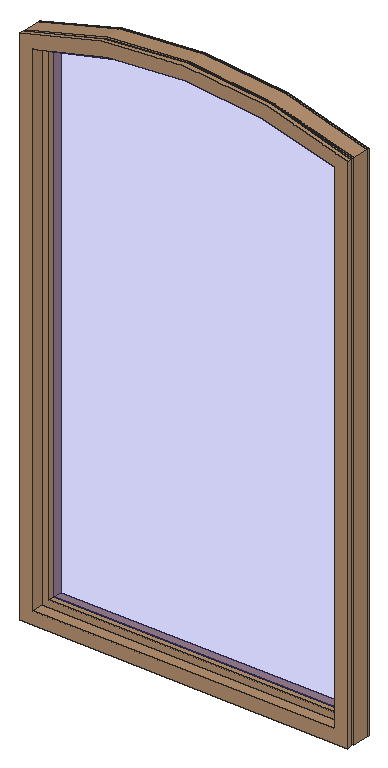
Revit family "WWW_A3-WTI-Flat-Arch-1888-FAF5", category Windows, host Wall, Revit 2016
Family settings
  Host = Wall
  Always vertical = Yes
  Cut with Voids When Loaded = No
  Shared = No
  Room Calculation Point = No
Parameters (values of type "1888 x 1116 FAF5")
  URL = "www.acdoors.co.za"
  Type Comments = "Series iv Frame Profile"
  Model = "Flat Arch"
  Manufacturer Code = "FAF5"
  Manufacturer = "AC Shopfitters (Windows)"
  Height = 1888 mm
  Head Height = 2300 mm
  Frame Material = Wood- Timber
  Default Sill Height = (Head Height) - Height  # 412 mm
  Wall Closure = By host
  Width = 1116 mm
  Assembly Code = "B2020130"
  Arch Radii [instance] = Width / 2  # 558 mm
Types (3, lengths in mm): name | Width | Arch Radii
  (no name) | 1116 | 558
  1888 x 0580 FAF5 | 580 | 290
  1888 x 1116 FAF5 | 1116 | 558
Reference planes
  plane 1 "CL": y = 0
  plane 2 "Center (Left/Right)": x = 0
  plane 3 "Left": x = -558
  plane 4 "Right": x = 558
  plane 5 "Sill": z = 412
  plane 6 "Head": z = 2300
  plane 7 "Exterior": y = 75
  plane 8 "Interior": y = -75
  plane 9: z = 1670.667
  plane 10: z = 1041.333
  plane 11: x = -22
  plane 12: x = 22
Forms (mm)
  Sweep 1, solid, material "Wood- Timber" <- "Frame Material", detail levels medium+fine
    path origin (0, 0, 0) x (1, 0, 0) y (0, 0, 1)
      loop
        line (558, 412) -> (558, 2202.083)
        arc (558, 2202.083) -> (0, 2300.032) -> (-558, 2202.083) r 1638.396
        line (-558, 2202.083) -> (-558, 412) -> (558, 412)
    profile "AC 90 x 44 IV : AC 90 x 44 iv" origin (558, 0, 1307.042) x (-1, 0, 0) y (0, -1, 0)
      loop
        line (44, 50.2) -> (0, 50.2) -> (0, 35.2) -> (2.991, 35.2) -> (2.991, 25.2) -> (0, 25.2) -> (0, -31.778) -> (2.991, -31.778) -> (2.991, -34.8) -> (0, -34.8) -> (0, -39.8) -> (24, -39.8) -> (32.38, 10.2) -> (44, 10.2) -> (44, 50.2)
  Sweep 2, solid, material "Wood- Timber" <- "Frame Material", detail levels medium+fine
    path origin (670, 0, 0) x (1, 0, 0) y (0, 0, 1)
      loop
        arc (-144.38, 2179.203) -> (-670, 2267.652) -> (-1195.62, 2179.203) r 1606.016
        line (-1195.62, 2179.203) -> (-1195.62, 444.38) -> (-144.38, 444.38) -> (-144.38, 2179.203)
    profile "AC 50 x 44 Base iv : AC 50 x 44 Base" origin (525.62, 0, 1311.792) x (1, 0, 0) y (0, -1, 0)
      loop
        line (0, 10.183) -> (-35.62, 10.183) -> (-35.62, -6.817) -> (-30.62, -6.817) -> (-30.62, -9.817) -> (-35.62, -9.817) -> (-35.62, -39.817) -> (-30.62, -39.817) -> (-30.62, -34.817) -> (-25.62, -34.817) -> (-25.62, -39.817) -> (-1.62, -39.817) -> (-1.62, -49.817) -> (8.38, -49.817) -> (8.38, -46.817) -> (6.349, -46.817) -> (6.349, -44.817) -> (8.38, -44.817) -> (8.38, -39.817) -> (0, 10.183)
  Extrusion 3, solid, material "Glass", detail levels medium+fine
    sketch origin (670, 0, 0) x (1, 0, 0) y (0, 0, 1)
      loop
        arc (-175, 2157.245) -> (-670, 2237.032) -> (-1165, 2157.245) r 1575.396
        line (-1165, 2157.245) -> (-1165, 475) -> (-175, 475) -> (-175, 2157.245)
    from -6.817 to -9.817
Lines and regions (mm)
  Opening 1
    outline origin (3500, -75, 0) x (1, 0, 0) y (0, 0, 1)
      loop
        line (-2942, 412) -> (-2942, 2202.083)
        arc (-2942, 2202.083) -> (-3211.702, 2274.468) -> (-3489.779, 2300) r 1638.396
        arc (-3489.779, 2300) -> (-3778.231, 2276.235) -> (-4058, 2202.083) r 1638.396
        line (-4058, 2202.083) -> (-4058, 412) -> (-2942, 412)
Text (mm)
  text "EXTERIOR" at (-1963.203, 1332.353, 0), in view "Ref. Level"
  text "INTERIOR" at (-1981.466, -818.386, 0), in view "Ref. Level"
  text "Exterior" at (0, 923.751, 2943.296), in view "Right"
  text "Exterior" at (0, 1040.484, 2685.409), in view "Left"
Dimensions and locks
  equal spacing: plane 3 "Left", plane 2 "Center (Left/Right)", plane 4 "Right"
  "Width": plane 3 "Left" to plane 4 "Right"
  "Height": plane 5 "Sill" to plane 6 "Head"
  locked: plane 7 "Exterior" to host wall at 0
  locked: plane 8 "Interior" to host wall
  "Head Height": plane 6 "Head" to level
  equal spacing: plane 6 "Head", plane 9, plane 10, plane 5 "Sill"
  locked: plane 3 "Left" to plane 12 at 580
  locked: plane 11 to plane 4 "Right" at 580
  aligned and locked: Sweep 1 sketch curve to host wall  (x3)
  aligned and locked: host wall to Sweep 1 sketch curve
  aligned and locked: Sweep 2 to Extrusion 3
  aligned and locked: Extrusion 3 to Sweep 2  (x2)
  aligned and locked: Extrusion 3 sketch curve to Sweep 2  (x3)
  aligned and locked: Sweep 2 sketch curve to Sweep 1  (x3)
  aligned and locked: Sweep 2 to Extrusion 3 sketch curve
  aligned and locked: plane 6 "Head" to Opening 1 sketch curve
Automatic sketch dimensions
  Sweep 2 sketch curve to plane 5 "Sill" = 32.38 mm
  Opening 1 sketch curve to plane 3 "Left" = 0 mm
  Opening 1 sketch curve to plane 4 "Right" = 0 mm
  Opening 1 sketch curve to plane 5 "Sill" = 0 mm
  plane 6 "Head" to Opening 1 sketch curve = 97.917 mm
  Opening 1 sketch curve to plane 2 "Center (Left/Right)" = 0 mm
  Opening 1 sketch curve to Opening 1 sketch curve = 0 mm  (x2)
  plane 2 "Center (Left/Right)" to Opening 1 sketch curve = 10.221 mm
